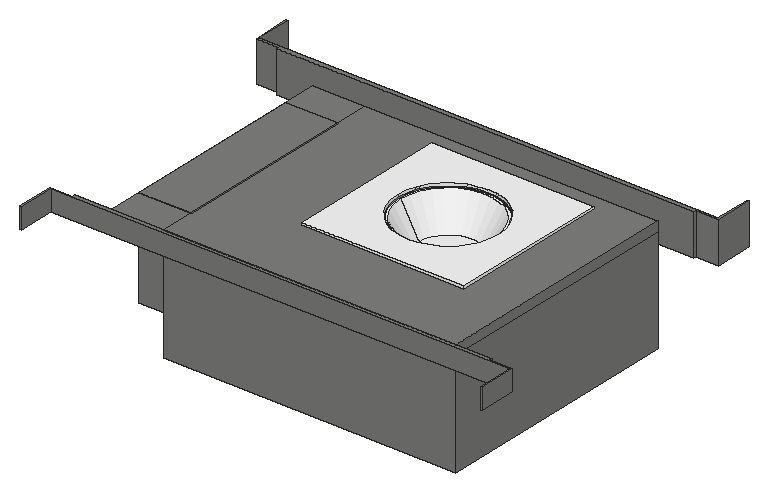
Revit family "Lighting_Fixture-Lutron-Recessed-Finire-Prime-Square", category Lighting Fixtures, host Face, Revit 2017
Family settings
  Host = Face
  Round Connector Dimension = Use Diameter
  Part Type = Normal
  OmniClass Number = 23.80.70.11.14
  OmniClass Title = General Luminaries, Directional
  Cut with Voids When Loaded = No
  Light Source = Yes
  Shared = No
  Room Calculation Point = No
Parameters (values of type "2700K_30 Degree")
  c Rotation Depth [instance] = if(Desired Tilt Angle = 25.00°, 3.50", 3.00")  # 3.00"
  Width [instance] = if(Insulated Housing, 9.50", 7.70")  # 7.70"
  Weight Net (Kg) = "2"
  Wattage Comments = "14"
  Wattage = 6.7321 W
  Warranty URL = "http://www.lutron.com/en-US/Service-Support/Pages/Service/Warranty/Warranty.aspx"
  built-in parameter 1150110 = 1 (stored number, unit not read)
  Voltage = 120 V  # constant formula
  Video Link = "https://www.youtube.com/user/LutronElectronicsInc"
  Version = "2017 - v1.0b"  # constant formula
  Uniformat II Description = ""
  Uniformat II Code = ""
  Uniclass 2015 Name = ""
  Uniclass 2015 Code = ""
  Uniclass 2.0 Description = "Luminaires And Lamps"
  Uniclass 2.0 Code = "PR-49"
  Uniclass 1.4 Description = "Electric power and lighting services products"
  Uniclass 1.4 Code = "L74"
  URL = "http://www.lutron.com/en-US/Pages/default.aspx"
  UNSPSC Code = "3911"
  Type Comments = ""
  built-in parameter 1114217 = 1 (stored number, unit not read)
  Tilt Angle = 0.00°  # constant formula
  built-in parameter 1150109 = 1 (stored number, unit not read)
  built-in parameter 1150134 = (empty or 0)
  built-in parameter 1150113 = 1 (stored number, unit not read)
  Support Phone = "(224) 699-9545"  # constant formula
  Support Email = "mailto: support@anguleris.com"
  Shape [instance] = "S - Square"  # constant formula
  Series = "Finiré Prime, Adjustable, Trimmed"  # constant formula
  Region South America = "None"
  Region Oceania = "None"
  Region North America = "CA, US"
  Region Middle East = "None"
  Region Europe = "None"
  Region Asia = "None"
  Region Antarctica = "None"
  Region Africa = "None"
  Product group = "Ivalo Collection"
  Product family = "General Luminaries, Directional"
  Product SKU = "lutron-finire-prime"
  Product Page URL = "http://www.lutron.com/en-US/Products/Pages/LightingFixtures/LutronFixtures/FinirePrime/Overview.aspx"
  Product Name = "Finiré Prime Square"
  Product Documentation Link = "http://www.lutron.com/TechnicalDocumentLibrary/367-2708_Finire_Prime_Spec.pdf"
  Power Factor = 1  # constant formula
  Photometric Web File = "Finire Prime RD 27K 30° - FPATR27X30MW.ies"
  Performance URL = "http://www.lutron.com/en-US/Service-Support/Pages/Technical/PerfomanceSpecs.aspx"
  Parameter Adjustment = "Editing parameter values for type properties is not recommended as you may choose options that are not available."  # constant formula
  OmniClass Description = "Lighting Fixtures"
  OmniClass Code = "23-35 47 11"
  Number of Poles = 1
  Number of Light Sources = 1  # constant formula
  Note [instance] = "25° Max Tilt"  # constant formula
  Non IC [instance] = not(Insulated Housing)  # yes
  Nominal width = 4.95"
  Nominal height = 3.00"
  NBS Reference Description = "Luminaires And Lamps"
  NBS Reference Code = "49"
  Model_Trim [instance] = if(Constraint = 1, "FPATS27X30MW", if(Constraint = 2, "FPATS27X65MW", if(Constraint = 3, "FPATS30X30MW", if(Constraint = 4, "FPATS30X65MW", "Not Available"))))  # "FPATS27X30MW"
  Model_Housing [instance] = if(and(Insulated Housing, [Control_2-Wire 120 V]), "FPHIXF1", if(and(Insulated Housing, [Control_Ecosystem 120-277V]), "FPHIXEU", if(and(not(Insulated Housing), [Control_2-Wire 120 V]), "FPHNXF1", if(and(not(Insulated Housing), [Control_Ecosystem 120-277V]), "FPHNXEU", "Select Electrical Control Below"))))  # "Select Electrical Control Below"
  Model = "See Housing and Trim Model Information"  # constant formula
  Material secondary = ""
  Material main = "Aluminium"
  Material = ""
  Masterformat 2014 Description = ""
  Masterformat 2014 Code = ""
  Manufacturer name = "Lutron Electronics"
  Manufacturer country = "Canada"
  Manufacturer Phone Number = "610-282-3800"  # constant formula
  Manufacturer Fax Number = "610-282-1243"  # constant formula
  Manufacturer Email = "mailto:support@lutron.com"
  Manufacturer Address = "7200 Suter Rd, Coopersburg, PA 18036"  # constant formula
  Manufacturer = "Lutron Electronics Co., Inc"  # constant formula
  built-in parameter 1150105 = 79.577 (stored number, unit not read)
  Lumens = 1000 lm
  built-in parameter 1150115 = 1 (stored number, unit not read)
  Load Classification = Lighting
  built-in parameter 1150137 = (empty or 0)
  built-in parameter 1150139 = (empty or 0)
  Length [instance] = if(Insulated Housing, 18.90", 10.50")  # 10.50"
  built-in parameter 1150112 = 1 (stored number, unit not read)
  built-in parameter 1150114 = 1 (stored number, unit not read)
  Lamp = "LED"  # constant formula
  LED = if(or(Constraint = 1, Constraint = 2), "2700K 14W 1000 lumens 90+ CRI", if(or(Constraint = 3, Constraint = 4), "3000K 14W 1000 lumens 90+ CRI", "Not Available"))  # "2700K 14W 1000 lumens 90+ CRI"
  Keynote = "26 51 00"  # constant formula
  Insulated Housing [instance] = no
  Instruction Sheet Link = "http://www.lutron.com/TechnicalDocumentLibrary/Finire_Prime_Installation_Guide.pdf"
  built-in parameter 1150132 = 2
  built-in parameter 1150102 = (empty or 0)
  built-in parameter 1150107 = 2700 (stored number, unit not read)
  built-in parameter 1150138 = (empty or 0)
  built-in parameter 1150106 = 0.79577 (stored number, unit not read)
  IFC Classification = "Light Fixture"
  IC Housing Height [instance] = if(Insulated Housing, 6.00", 3.50")  # 3.50"
  Housing Type [instance] = if(Insulated Housing, "IX - IC", "NX - Non-IC")  # "NX - Non-IC"
  Housing Family [instance] = "FHP - Finire Prime Housing"  # constant formula
  Height [instance] = IC Housing Height  # 3.50"
  Frame Finish = Steel - Lutron - 20 Gauge
  Frame Box Visibility [instance] = no
  Finish = Metal - Lutron - MW - Matte White
  Emergency Lighting [instance] = no
  built-in parameter 1150104 = 13.8 (stored number, unit not read)
  Edition number = 1
  Dimming Lamp Color Temperature Shift = <None>
  Desired Tilt Angle [instance] = 0.00°
  Design country = "United States"
  Description = "Finire Prime LED Square Recessed Downlight"  # constant formula
  Default Elevation = 25.00"
  Date of publishing = "3/1/2017"
  Cost Info = "mailto:sales@lutron.com"
  Cost = 0
  Copyright = "© 2019 Lutron Electronics Co., Inc."  # constant formula
  Control Type [instance] = if(and([Control_2-Wire 120 V], [Control_Ecosystem 120-277V]), "Please Select only one Control option", if([Control_2-Wire 120 V], "F1", if([Control_Ecosystem 120-277V], "EU", "Select Control Option")))  # "Select Control Option"
  Control Method [instance] = if([Control_2-Wire 120 V], "2-Wire 120 V", if([Control_Ecosystem 120-277V], "Ecosystem 120-277V", "Select Control Option"))  # "Select Control Option"
  Control_2-Wire 120 V [instance] = no
  Control_Ecosystem 120-277V [instance] = no
  Constraint = 1
  Connector Description = "Power Connection"  # constant formula
  Color Filter = 16777215
  built-in parameter 1114216 [instance] = (empty or 0)
  Center of Light [instance] = if(Insulated Housing, 6.50", 3.30")  # 3.30"
  IC Housing Length [instance] = if(Insulated Housing, 18.90" - 1.60", 10.50" - 1.60")  # 8.90"
  built-in parameter 1140040 [instance] = (empty or 0)
  COBIe Type Category = ""
  C Angle [instance] = if(Desired Tilt Angle < -25.00°, Desired Tilt Angle - 90.00°, if(Desired Tilt Angle > 25.00°, 25.00° - 90.00°, Desired Tilt Angle - 90.00°))  # -90.00°
  BIMobject category = "Ceiling Mounted"
  Actual Angle [instance] = if(Desired Tilt Angle < -25.00°, -25.00°, if(Desired Tilt Angle > 25.00°, 25.00°, Desired Tilt Angle))  # 0.00°
  Beam Spread = if(or(Constraint = 1, Constraint = 3), 30.00°, if(or(Constraint = 2, Constraint = 4), 65.00°, 30.00°))  # 30.00°
  built-in parameter 1114218 = 1 (stored number, unit not read)
  built-in parameter 1150133 = 10 (stored number, unit not read)
  Assembly Code = "D5020200"
  Apparent Load = 14 W  # constant formula
Types (4): name | Photometric Web File | Model_Trim | LED | built-in parameter 1150107 | Constraint | Beam Spread
  2700K_30 Degree | "Finire Prime RD 27K 30° - FPATR27X30MW.ies" | "FPATS27X30MW" | "2700K 14W 1000 lumens 90+ CRI" | 2700 (stored number, unit not read) | 1 | 30.00°
  2700K_65 Degree | "Finire Prime RD 27K 65° - FPATR27X65MW.ies" | "FPATS27X65MW" | "2700K 14W 1000 lumens 90+ CRI" | 2700 (stored number, unit not read) | 2 | 65.00°
  3000K_30 Degree | "Finire Prime RD 27K 30° - FPATR27X30MW.ies" | "FPATS30X30MW" | "3000K 14W 1000 lumens 90+ CRI" | 3000 (stored number, unit not read) | 3 | 30.00°
  3000K_65 Degree | "Finire Prime RD 27K 65° - FPATR27X65MW.ies" | "FPATS30X65MW" | "3000K 14W 1000 lumens 90+ CRI" | 3000 (stored number, unit not read) | 4 | 65.00°
Reference planes (in)
  plane 1 "Center (Front/Back)": y = 0
  plane 2: z = 0
  plane 3 "Center (Left/Right)": x = 0
  plane 4: x = -7.2
  plane 5: y = 3.85
  plane 6: y = -3.85
  plane 7: x = 3.3
  plane 8 "Top": z = -4.125
  plane 9 "Top of Junction Box": z = -3
  plane 10: x = -1.95
  plane 11: x = 8.475
  plane 12 "Internal Box Length": x = -5.6
  plane 13: y = 3.85
  plane 14: y = -3.85
  plane 15 "Electrical Connector": x = -7.2
  plane 16 "Ceiling": z = -0.625
  plane 17 "Light Source": z = -0.91795
  plane 18: z = 0.375
  plane 19 "Emergency": z = 1.375
Forms (in)
  Extrusion 1, solid, material "Steel - Lutron - 20 Gauge" <- "Frame Finish"
    sketch origin (0, 0, 0) x (1, 0, 0) y (0, 1, 0)
      loop
        line (-5.6, -2.8) -> (-5.6, 2.8) -> (-7.2, 2.8) -> (-7.2, -2.8) -> (-5.6, -2.8)
    from -3.625 to -0.625
  Extrusion 2, void
    sketch origin (0, 0, 0) x (1, 0, 0) y (0, 1, 0)
      loop
        line (-5.475, 3.725) -> (-5.475, -3.725) -> (3.175, -3.725) -> (3.175, 3.725) -> (-5.475, 3.725)
    from -4 to -0.75
  Extrusion 3, solid, material "Steel - Lutron - 20 Gauge" <- "Frame Finish"
    sketch origin (0, 0, 0) x (1, 0, 0) y (0, 1, 0)
      loop
        line (-5.6, 3.85) -> (-5.6, -3.85) -> (3.3, -3.85) -> (3.3, 3.85) -> (-5.6, 3.85)
    from -0.625 to -4.125
  Blend 4, void
    base sketch origin (0, 0, 0) x (1, 0, 0) y (0, 1, 0)
      loop
        circle (0, 0) r 1.1125
    top sketch origin (0, 0, 0) x (1, 0, 0) y (0, 1, 0)
      loop
        circle (0, 0) r 1.7625
    from -1.25 to 0
  Extrusion 5, solid, material "Metal - Lutron - MW - Matte White" <- "Finish"
    sketch origin (0, 0, 0) x (1, 0, 0) y (0, 1, 0)
      loop
        circle (0, 0) r 1.55
      loop
        line (2.45938, 2.475) -> (-2.475, 2.475) -> (-2.475, -2.475) -> (2.45938, -2.475) -> (2.45938, 2.475)
    from 0 to 0.07
  Extrusion 6, solid, material "Steel - Lutron - 20 Gauge" <- "Frame Finish", visible <- "Insulated Housing"
    sketch origin (-2.92384, 0, 0) x (1, 0, 0) y (0, 1, 0)
      loop
        line (-5.49559, 5.4454) -> (-5.49559, 5.40179) -> (-4.4, 5.40179) -> (-4.4, -5.40179) -> (-5.49559, -5.40179) -> (-5.49559, -5.4454) -> (-4.35497, -5.4454) -> (-4.35497, -4.75) -> (-4.27616, -4.75) -> (-4.27616, 4.75) -> (-4.35497, 4.75) -> (-4.35497, 5.4454) -> (-5.49559, 5.4454)
    from -1.25 to -0.625
  Extrusion 7, solid, material "Steel - Lutron - 20 Gauge" <- "Frame Finish", visible <- "Insulated Housing"
    sketch origin (-2.97616, 0, 0) x (-1, 0, 0) y (0, -1, 0)
      loop
        line (-7.49559, -5.4454) -> (-6.35497, -5.4454) -> (-6.35497, -4.75) -> (-6.27616, -4.75) -> (-6.27616, 4.75) -> (-6.35497, 4.75) -> (-6.35497, 5.4454) -> (-7.49559, 5.4454) -> (-7.49559, 5.40179) -> (-6.4, 5.40179) -> (-6.4, -5.40179) -> (-7.49559, -5.40179) -> (-7.49559, -5.4454)
    from -1.25 to -0.625
  Extrusion 8, solid, material "Steel - Lutron - 20 Gauge" <- "Frame Finish"
    sketch origin (0, 0, 0) x (1, 0, 0) y (0, 1, 0)
      loop
        line (-7.2, 3.85) -> (-7.2, -3.85) -> (3.3, -3.85) -> (3.3, 3.85) -> (-7.2, 3.85)
      loop
        circle (0, 0) r 2.5
    from -0.625 to -0.91795
  Extrusion 9, void
    sketch origin (0, 0, 0) x (1, 0, 0) y (0, 1, 0)
      loop
        circle (0, 0) r 1.7625
    from 0 to -1.04887
  Extrusion 10, solid, material "Steel - Lutron - 20 Gauge" <- "Frame Finish", visible <- "Non IC"
    sketch origin (-2.1454, -3.90441, 0) x (0, 1, 0) y (-1, 0, 0)
      loop
        line (-1.16503, -7.24079) -> (-0.0244, -7.24079) -> (-0.0244, -6.5454) -> (0.05441, -6.5454) -> (0.05441, 6.1546) -> (-0.0244, 6.1546) -> (-0.0244, 6.85) -> (-1.16503, 6.85) -> (-1.16503, 6.80639) -> (-0.06943, 6.80639) -> (-0.06943, -7.19719) -> (-1.16503, -7.19719) -> (-1.16503, -7.24079)
    from -1.25 to -0.625
  Extrusion 11, solid, material "Steel - Lutron - 20 Gauge" <- "Frame Finish", visible <- "Non IC"
    sketch origin (-2.1454, 3.90441, 0) x (0, -1, 0) y (1, 0, 0)
      loop
        line (-1.16503, 7.24079) -> (-1.16503, 7.19719) -> (-0.06943, 7.19719) -> (-0.06943, -6.80639) -> (-1.16503, -6.80639) -> (-1.16503, -6.85) -> (-0.0244, -6.85) -> (-0.0244, -6.1546) -> (0.05441, -6.1546) -> (0.05441, 6.5454) -> (-0.0244, 6.5454) -> (-0.0244, 7.24079) -> (-1.16503, 7.24079)
    from -1.25 to 0
  Revolve 12, solid, material "Metal - Lutron - MW - Matte White" <- "Finish"
    sketch origin (0, 0, 9.32623) x (0, 0, -1) y (1, 0, 0)
      loop
        line (9.3399, -1.5) -> (10.34633, -1.5) -> (10.34633, -1.10548) -> (10.50786, -1.10548) -> (10.50786, -0.69341) -> (10.96758, -0.37151) -> (10.96758, -0.76069) -> (11.12135, -0.76069) -> (11.12135, -1.70869) -> (12.32623, -1.70869) -> (12.32623, 0) -> (9.3399, 0) -> (9.3399, -1.5)
      axis (12.32623, 0) -> (9.3399, 0)
    angle from 0 to 360
  Revolve 13, void
    sketch origin (0, 0, 9.32623) x (0, 0, -1) y (1, 0, 0)
      loop
        line (8.95123, -1.66243) -> (10.3126, -0.90781) -> (10.3126, 0) -> (8.95123, 0) -> (8.95123, -1.66243)
      axis (8.95123, 0) -> (10.3126, 0)
    angle from 0 to 360
  Extrusion 14, void
    sketch origin (0, 0, 0) x (1, 0, 0) y (0, 1, 0)
      loop
        circle (0, 0) r 1.63792
    from -1.95336 to 5
Cuts and joins
  Extrusion 14 cuts Extrusion 3
  Revolve 13 cuts Revolve 12
Lines and regions (in)
  Masking region 1
    outline origin (-8.9748, -180, 0.375) x (-1, 0, 0) y (0, -1, 0)
      loop
        circle (-8.9748, -180) r 1.55
      loop
        line (-11.43417, -182.475) -> (-6.4998, -182.475) -> (-6.4998, -180) -> (-6.4998, -177.525) -> (-11.43417, -177.525) -> (-11.43417, -180) -> (-11.43417, -182.475)
  symbolic lines, detail levels medium+fine
    curve 1: circle (0, 0, 0) r 0.9 normal (0, 0, 1)
  symbolic lines, style "LightingFixturesHiddenLines", visible <- "Frame Box Visibility"
    curve 2: line (-7.2, 3.85, 0) -> (3.3, 3.85, 0)
    curve 3: line (-7.2, -3.85, 0) -> (-7.2, 3.85, 0)
    curve 4: line (3.3, -3.85, 0) -> (-7.2, -3.85, 0)
    curve 5: line (3.3, 3.85, 0) -> (3.3, -3.85, 0)
  symbolic lines, detail levels fine
    curve 6: circle (0, 0, 0) r 1.63792 normal (0, 0, 1)
  reference lines
    curve 7: line (0, 0, 9.32623) -> (0, 0, -0.91795)
    curve 8: line (10.45862, 0, -0.91795) -> (-0.29138, 0, -0.91795)
Dimensions and locks (in)
  equal spacing: plane 5, plane 1 "Center (Front/Back)", plane 6
  "Width": plane 5 to plane 6
  "Length": plane 4 to plane 7
  plane 1 "Center (Front/Back)" to connector elem = 0.0242"
  "Center of Light": plane 3 "Center (Left/Right)" to plane 7
  level to plane 16 "Ceiling" = 0.625"
  Extrusion 1 sketch curve to plane 1 "Center (Front/Back)" to Extrusion 1 sketch curve = 2.80" locked, 2.80" locked
  "Height": plane 16 "Ceiling" to plane 8 "Top"
  "IC Housing Length": plane 12 "Internal Box Length" to plane 7
  locked: Extrusion 1 sketch curve to plane 12 "Internal Box Length" at 1.6
  locked: plane 12 "Internal Box Length" to Extrusion 2 sketch curve at 0.125
  locked: Extrusion 2 sketch curve to plane 7 at 0.125
  locked: plane 5 to Extrusion 2 sketch curve at 0.125
  locked: plane 6 to Extrusion 2 sketch curve at 0.125
  locked: Extrusion 2 to plane 8 "Top" at 0.125
  locked: Extrusion 2 to plane 7 at 0.125
  locked: Extrusion 2 to plane 12 "Internal Box Length" at 0.125
  equal spacing: plane 13, plane 1 "Center (Front/Back)", plane 14
  "Width": plane 13 to plane 14
  locked: plane 15 "Electrical Connector" to plane 12 "Internal Box Length" at 1.6
  locked: plane 18 to plane 17 "Light Source" at 1.29295
  imposter light to plane 7 to Extrusion 7 sketch curve to Extrusion 7 sketch curve to Extrusion 7 sketch curve to Extrusion 7 sketch curve to Extrusion 7 sketch curve to Extrusion 7 sketch curve = 3.30781", 0.00" locked, 0.07881" locked, 0.00" locked, 0.04503" locked, 1.09559" locked, 0.00" locked
  Extrusion 6 sketch curve to Extrusion 6 sketch curve to Extrusion 6 sketch curve to Extrusion 6 sketch curve to Extrusion 6 sketch curve to plane 4 = 0.00" locked, 1.09559" locked, 0.04503" locked, 0.00" locked, 0.07881" locked
  Extrusion 6 sketch curve to Extrusion 6 sketch curve to Extrusion 6 sketch curve to plane 1 "Center (Front/Back)" to Extrusion 6 sketch curve to Extrusion 6 sketch curve to Extrusion 6 sketch curve = 0.04361" locked, 0.65179" locked, 4.75" locked, 4.75" locked, 0.65179" locked, 0.04361" locked
  Extrusion 7 sketch curve to Extrusion 7 sketch curve to Extrusion 7 sketch curve to plane 1 "Center (Front/Back)" to Extrusion 7 sketch curve to Extrusion 7 sketch curve to Extrusion 7 sketch curve = 0.04361" locked, 0.65179" locked, 4.75" locked, 4.75" locked, 0.65179" locked, 0.04361" locked
  locked: plane 1 "Center (Front/Back)" to Blend 4 sketch curve at 1.7625
  locked: Blend 4 sketch curve to plane 3 "Center (Left/Right)" at 1.7625
  locked: plane 1 "Center (Front/Back)" to Extrusion 9 sketch curve at 1.7625
  locked: plane 3 "Center (Left/Right)" to Extrusion 9 sketch curve at 1.7625
  locked: plane 3 "Center (Left/Right)" to Extrusion 5 sketch curve at 0
  locked: plane 1 "Center (Front/Back)" to Extrusion 5 sketch curve at 0
  locked: plane 19 "Emergency" to plane 18 at 1
  Extrusion 10 sketch curve to plane 14 to Extrusion 10 sketch curve to Extrusion 10 sketch curve to Extrusion 10 sketch curve to Extrusion 10 sketch curve to Extrusion 10 sketch curve = 0.00" locked, 0.07881" locked, 0.00" locked, 0.04503" locked, 1.09559" locked, 0.00" locked
  Extrusion 10 sketch curve to Extrusion 10 sketch curve to Extrusion 10 sketch curve to plane 10 to Extrusion 10 sketch curve to Extrusion 10 sketch curve to Extrusion 10 sketch curve = 0.04361" locked, 0.65179" locked, 6.35" locked, 6.35" locked, 0.65179" locked, 0.04361" locked
  equal spacing: plane 15 "Electrical Connector", plane 10, plane 7
  Extrusion 11 sketch curve to plane 13 to Extrusion 11 sketch curve to Extrusion 11 sketch curve to Extrusion 11 sketch curve to Extrusion 11 sketch curve to Extrusion 11 sketch curve = 0.00" locked, 0.07881" locked, 0.00" locked, 0.04503" locked, 1.09559" locked, 0.00" locked
  Extrusion 11 sketch curve to Extrusion 11 sketch curve to Extrusion 11 sketch curve to plane 10 to Extrusion 11 sketch curve to Extrusion 11 sketch curve to Extrusion 11 sketch curve = 0.04361" locked, 0.65179" locked, 6.35" locked, 6.35" locked, 0.65179" locked, 0.04361" locked
  Revolve 12 sketch curve to Revolve 12 sketch curve to Revolve 12 sketch curve to Revolve 12 sketch curve to Revolve 12 sketch curve to curve 7 = 0.20869" locked, 0.39452" locked, 0.34479" locked, 0.76069" locked, 0.00" locked
  Revolve 12 sketch curve to curve 8 to Revolve 12 sketch curve to Revolve 12 sketch curve to Revolve 12 sketch curve to Revolve 12 sketch curve to Revolve 12 sketch curve = 0.90428" locked, 0.10215" locked, 0.16153" locked, 0.45972" locked, 0.15377" locked, 1.20488" locked
  plane 7 to Extrusion 7 = 1.21943"
  "c Rotation Depth": level to plane 9 "Top of Junction Box"
  Extrusion 5 sketch curve to plane 3 "Center (Left/Right)" to Extrusion 5 sketch curve = 2.475" locked, 2.45938" locked
  Extrusion 5 sketch curve to plane 1 "Center (Front/Back)" to Extrusion 5 sketch curve = 2.475" locked, 2.475" locked
  Masking region 1 sketch curve to plane 3 "Center (Left/Right)" to Masking region 1 sketch curve = 2.475" locked, 2.45938" locked
  Masking region 1 sketch curve to plane 1 "Center (Front/Back)" to Masking region 1 sketch curve = 2.475" locked, 2.475" locked
  Extrusion 14 sketch curve to plane 3 "Center (Left/Right)" to Extrusion 14 sketch curve = 1.63792" locked, 1.63792" locked
  Extrusion 14 sketch curve to plane 1 "Center (Front/Back)" to Extrusion 14 sketch curve = 1.63792" locked, 1.63792" locked
  locked: plane 16 "Ceiling" to Extrusion 7 at 0.625
  diameter of Masking region 1 sketch curve = 3.10"
  "Actual Angle": angle plane 3 "Center (Left/Right)" to curve 7
  locked: curve 8 to curve 7 (angle 90.00°)
  aligned and locked: plane 2 to host face
  aligned and locked: level to host face
  aligned and locked: plane 16 "Ceiling" to Extrusion 1
  aligned and locked: plane 12 "Internal Box Length" to Extrusion 3 sketch curve
  aligned and locked: plane 7 to Extrusion 3 sketch curve
  aligned and locked: Extrusion 3 sketch curve to plane 5
  aligned and locked: Extrusion 3 sketch curve to plane 6
  aligned and locked: Extrusion 3 to plane 8 "Top"
  aligned and locked: Extrusion 3 to Extrusion 1
  aligned and locked: plane 12 "Internal Box Length" to Extrusion 1 sketch curve
  aligned and locked: Extrusion 8 to Extrusion 1
  aligned and locked: plane 7 to curve 5
  aligned and locked: curve 2 to plane 13
  aligned and locked: plane 14 to curve 4
  aligned and locked: Extrusion 6 sketch curve to plane 4
  aligned and locked: Extrusion 8 sketch curve to plane 13
  aligned and locked: plane 14 to Extrusion 8 sketch curve
  aligned and locked: plane 4 to Extrusion 8 sketch curve
  aligned and locked: plane 7 to Extrusion 8 sketch curve
  aligned and locked: plane 16 "Ceiling" to Extrusion 7
  aligned and locked: plane 16 "Ceiling" to Extrusion 6
  aligned and locked: Revolve 12 sketch curve to curve 7
  aligned and locked: Extrusion 6 to Extrusion 7
  aligned and locked: Extrusion 10 to Extrusion 6
  aligned and locked: plane 16 "Ceiling" to Extrusion 10
  aligned and locked: plane 2 to Extrusion 11
  aligned and locked: Extrusion 11 to Extrusion 6
Automatic sketch dimensions
  host sketch curve to host sketch curve = 30.1153"
  host sketch curve to host sketch curve = 32.07936"
  plane 1 "Center (Front/Back)" to Blend 4 sketch curve = 0.00"
  Blend 4 sketch curve to plane 3 "Center (Left/Right)" = 0.00"  (x2)
  Extrusion 9 sketch curve to plane 3 "Center (Left/Right)" = 0.00"
  plane 1 "Center (Front/Back)" to Extrusion 8 sketch curve = 0.00"
  Extrusion 8 sketch curve to plane 3 "Center (Left/Right)" = 0.00"
  curve 1 to curve 6 = 0.00"  (x2)
  curve 2 to plane 4 = 0.00"
  plane 1 "Center (Front/Back)" to curve 1 = 0.00"
  curve 1 to plane 3 "Center (Left/Right)" = 0.00"
  plane 1 "Center (Front/Back)" to Masking region 1 sketch curve = 0.00"  (x3)
  Masking region 1 sketch curve to plane 3 "Center (Left/Right)" = 0.00"
  Revolve 12 sketch curve to curve 7 = 0.69341"
  curve 7 to Revolve 12 sketch curve = 0.37151"
  Revolve 12 sketch curve to Revolve 12 sketch curve = 2.34572"
  Revolve 12 sketch curve to curve 7 = 0.00582"
  curve 7 to Revolve 13 sketch curve = 0.00"  (x2)
  Revolve 13 sketch curve to curve 7 = 1.29295"
  curve 7 to Revolve 13 sketch curve = 0.06842"
  Revolve 13 sketch curve to curve 7 = 0.90781"
  Revolve 13 sketch curve to Revolve 13 sketch curve = 2.31445"
  Revolve 13 sketch curve to Revolve 13 sketch curve = 2.01363"
  Revolve 13 sketch curve to curve 7 = 1.66243"
  curve 8 to plane 17 "Light Source" = 0.00"
  curve 7 to plane 3 "Center (Left/Right)" = 0.00"
  curve 8 to plane 3 "Center (Left/Right)" = 0.29138"
  radius of Blend 4 sketch curve = 1.1125"
  radius of Extrusion 8 sketch curve = 2.50"
  radius of curve 1 = 0.90"
  radius of curve 6 = 1.63792"
  radius of Extrusion 5 sketch curve = 1.55"
Nested families (in)
  nested 1: "Emergency Lighting Detail" at (0, 0, 1.375), visible <- "Emergency Lighting", type "Emergency Lighting Detail"
Connectors (in)
  electrical at (-7.2, 0.0242, -2.32), driven by "Number of Poles", driven by "Load Classification", driven by "Voltage", driven by "Apparent Load", driven by "Power Factor", driven by "Connector Description"
    settings: on plane 15 "Electrical Connector", index 1, voltage 120 V, apparent load 14 W, apparent load phase1 0 W, apparent load phase2 0 W, apparent load phase3 0 W, power factor 1, load classification "Lighting", number of poles 1, system type 30, power factor state 1, is connector primary yes, connector utility no, sub classification motor no, connector description "Power Connection"
Definition of nested family "Emergency Lighting Detail"
  Parameters
    Width = 6.00"
    Square Emergency = no
    Round Emergency = yes
    Rectangle Emergency = no
    Radius = Diameter / 2  # 1.08"
    Length = 12.00"
    Diameter = 2.16"
  Reference planes (in)
    plane 1 "Center (Front/Back)": y = 0
    plane 2: z = 0
    plane 3 "Center (Left/Right)": x = 0
    plane 4: through (-11.22545, -11.22545, 48) normal (-0.7071, 0.7071, 0)
  Lines and regions (in)
    Filled region 1, type "Solid Fill - Black", in view "Ref. Level", visible <- "Round Emergency"
      outline origin (0, 0, 0) x (1, 0, 0) y (0, 1, 0)
        loop
          arc (-0.76368, -0.76368) -> (0.76368, -0.76368) -> (0.76368, 0.76368) r 1.08
          line (0.76368, 0.76368) -> (-0.76368, -0.76368)
    Filled region 2, type "Solid Fill - Black", in view "Ref. Level", visible <- "Square Emergency"
      outline origin (0, 0, 0) x (1, 0, 0) y (0, 1, 0)
        loop
          line (1.08, -1.08) -> (1.08, 1.08) -> (-1.08, -1.08) -> (1.08, -1.08)
    Filled region 3, type "Solid Fill - Black", in view "Ref. Level", visible <- "Rectangle Emergency"
      outline origin (0, 0, 0) x (1, 0, 0) y (0, 1, 0)
        loop
          line (-6, -3) -> (6, -3) -> (6, 3) -> (-6, -3)
  Dimensions and locks (in)
    locked: plane 4 to plane 3 "Center (Left/Right)" at 0
    equal spacing: Filled region 2 sketch curve, plane 1 "Center (Front/Back)", Filled region 2 sketch curve
    "Diameter": Filled region 2 sketch curve to Filled region 2 sketch curve  (x2)
    equal spacing: Filled region 2 sketch curve, plane 3 "Center (Left/Right)", Filled region 2 sketch curve
    equal spacing: Filled region 3 sketch curve, plane 1 "Center (Front/Back)", Filled region 3 sketch curve
    "Width": Filled region 3 sketch curve to Filled region 3 sketch curve
    equal spacing: Filled region 3 sketch curve, plane 3 "Center (Left/Right)", Filled region 3 sketch curve
    "Length": Filled region 3 sketch curve to Filled region 3 sketch curve
    "Radius": radius of Filled region 1 sketch curve
    locked: plane 1 "Center (Front/Back)" to plane 4 (angle 45.00°)
    aligned and locked: Filled region 1 sketch curve to plane 4
    aligned and locked: plane 1 "Center (Front/Back)" to Filled region 1 sketch curve
    aligned and locked: plane 3 "Center (Left/Right)" to Filled region 1 sketch curve
  Automatic sketch dimensions
    Filled region 2 sketch curve to plane 4 = 0.00"
